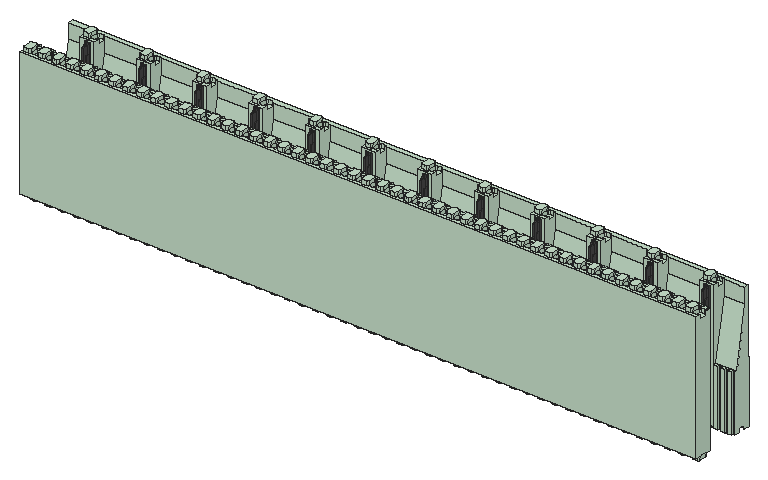
Revit family (continued)
Forms (in)
  Extrusion 51, void
    sketch origin (86, 0, 0) x (-1, 0, 0) y (0, -1, 0)
      loop
        arc (1, -4.89808) -> (1.04785, -5.04517) -> (1.17308, -5.13595) r 0.25
        arc (1.17308, -5.13595) -> (1.5, -5.1875) -> (1.82692, -5.13595) r 1.0625
        arc (1.82692, -5.13595) -> (1.95215, -5.04517) -> (2, -4.89808) r 0.25
        line (2, -4.89808) -> (2, -3.97692)
        arc (2, -3.97692) -> (1.98276, -3.88568) -> (1.9334, -3.80702) r 0.25
        arc (1.9334, -3.80702) -> (1.92106, -3.78736) -> (1.91675, -3.76455) r 0.0625
        line (1.91675, -3.76455) -> (1.91675, -3.41845) -> (1.74592, -3.41845) -> (1.74592, -3.64005)
        arc (1.74592, -3.64005) -> (1.72385, -3.68771) -> (1.67323, -3.70172) r 0.0625
        arc (1.67323, -3.70172) -> (1.42092, -3.69045) -> (1.17308, -3.73905) r 1.0625
        arc (1.17308, -3.73905) -> (1.04785, -3.82983) -> (1, -3.97692) r 0.25
        line (1, -3.97692) -> (1, -4.89808)
    from 18 to 17.5
  Extrusion 52, void
    sketch origin (78, 0, 0) x (-1, 0, 0) y (0, -1, 0)
      loop
        arc (1, -4.89808) -> (1.04785, -5.04517) -> (1.17308, -5.13595) r 0.25
        arc (1.17308, -5.13595) -> (1.5, -5.1875) -> (1.82692, -5.13595) r 1.0625
        arc (1.82692, -5.13595) -> (1.95215, -5.04517) -> (2, -4.89808) r 0.25
        line (2, -4.89808) -> (2, -3.97692)
        arc (2, -3.97692) -> (1.98276, -3.88568) -> (1.9334, -3.80702) r 0.25
        arc (1.9334, -3.80702) -> (1.92106, -3.78736) -> (1.91675, -3.76455) r 0.0625
        line (1.91675, -3.76455) -> (1.91675, -3.41845) -> (1.74592, -3.41845) -> (1.74592, -3.64005)
        arc (1.74592, -3.64005) -> (1.72385, -3.68771) -> (1.67323, -3.70172) r 0.0625
        arc (1.67323, -3.70172) -> (1.42092, -3.69045) -> (1.17308, -3.73905) r 1.0625
        arc (1.17308, -3.73905) -> (1.04785, -3.82983) -> (1, -3.97692) r 0.25
        line (1, -3.97692) -> (1, -4.89808)
    from 18 to 17.5
  Extrusion 53, void
    sketch origin (70, 0, 0) x (-1, 0, 0) y (0, -1, 0)
      loop
        arc (1, -4.89808) -> (1.04785, -5.04517) -> (1.17308, -5.13595) r 0.25
        arc (1.17308, -5.13595) -> (1.5, -5.1875) -> (1.82692, -5.13595) r 1.0625
        arc (1.82692, -5.13595) -> (1.95215, -5.04517) -> (2, -4.89808) r 0.25
        line (2, -4.89808) -> (2, -3.97692)
        arc (2, -3.97692) -> (1.98276, -3.88568) -> (1.9334, -3.80702) r 0.25
        arc (1.9334, -3.80702) -> (1.92106, -3.78736) -> (1.91675, -3.76455) r 0.0625
        line (1.91675, -3.76455) -> (1.91675, -3.41845) -> (1.74592, -3.41845) -> (1.74592, -3.64005)
        arc (1.74592, -3.64005) -> (1.72385, -3.68771) -> (1.67323, -3.70172) r 0.0625
        arc (1.67323, -3.70172) -> (1.42092, -3.69045) -> (1.17308, -3.73905) r 1.0625
        arc (1.17308, -3.73905) -> (1.04785, -3.82983) -> (1, -3.97692) r 0.25
        line (1, -3.97692) -> (1, -4.89808)
    from 18 to 17.5
  Extrusion 54, void
    sketch origin (62, 0, 0) x (-1, 0, 0) y (0, -1, 0)
      loop
        arc (1, -4.89808) -> (1.04785, -5.04517) -> (1.17308, -5.13595) r 0.25
        arc (1.17308, -5.13595) -> (1.5, -5.1875) -> (1.82692, -5.13595) r 1.0625
        arc (1.82692, -5.13595) -> (1.95215, -5.04517) -> (2, -4.89808) r 0.25
        line (2, -4.89808) -> (2, -3.97692)
        arc (2, -3.97692) -> (1.98276, -3.88568) -> (1.9334, -3.80702) r 0.25
        arc (1.9334, -3.80702) -> (1.92106, -3.78736) -> (1.91675, -3.76455) r 0.0625
        line (1.91675, -3.76455) -> (1.91675, -3.41845) -> (1.74592, -3.41845) -> (1.74592, -3.64005)
        arc (1.74592, -3.64005) -> (1.72385, -3.68771) -> (1.67323, -3.70172) r 0.0625
        arc (1.67323, -3.70172) -> (1.42092, -3.69045) -> (1.17308, -3.73905) r 1.0625
        arc (1.17308, -3.73905) -> (1.04785, -3.82983) -> (1, -3.97692) r 0.25
        line (1, -3.97692) -> (1, -4.89808)
    from 18 to 17.5
  Extrusion 55, void
    sketch origin (54, 0, 0) x (-1, 0, 0) y (0, -1, 0)
      loop
        arc (1, -4.89808) -> (1.04785, -5.04517) -> (1.17308, -5.13595) r 0.25
        arc (1.17308, -5.13595) -> (1.5, -5.1875) -> (1.82692, -5.13595) r 1.0625
        arc (1.82692, -5.13595) -> (1.95215, -5.04517) -> (2, -4.89808) r 0.25
        line (2, -4.89808) -> (2, -3.97692)
        arc (2, -3.97692) -> (1.98276, -3.88568) -> (1.9334, -3.80702) r 0.25
        arc (1.9334, -3.80702) -> (1.92106, -3.78736) -> (1.91675, -3.76455) r 0.0625
        line (1.91675, -3.76455) -> (1.91675, -3.41845) -> (1.74592, -3.41845) -> (1.74592, -3.64005)
        arc (1.74592, -3.64005) -> (1.72385, -3.68771) -> (1.67323, -3.70172) r 0.0625
        arc (1.67323, -3.70172) -> (1.42092, -3.69045) -> (1.17308, -3.73905) r 1.0625
        arc (1.17308, -3.73905) -> (1.04785, -3.82983) -> (1, -3.97692) r 0.25
        line (1, -3.97692) -> (1, -4.89808)
    from 18 to 17.5
  Extrusion 56, void
    sketch origin (46, 0, 0) x (-1, 0, 0) y (0, -1, 0)
      loop
        arc (1, -4.89808) -> (1.04785, -5.04517) -> (1.17308, -5.13595) r 0.25
        arc (1.17308, -5.13595) -> (1.5, -5.1875) -> (1.82692, -5.13595) r 1.0625
        arc (1.82692, -5.13595) -> (1.95215, -5.04517) -> (2, -4.89808) r 0.25
        line (2, -4.89808) -> (2, -3.97692)
        arc (2, -3.97692) -> (1.98276, -3.88568) -> (1.9334, -3.80702) r 0.25
        arc (1.9334, -3.80702) -> (1.92106, -3.78736) -> (1.91675, -3.76455) r 0.0625
        line (1.91675, -3.76455) -> (1.91675, -3.41845) -> (1.74592, -3.41845) -> (1.74592, -3.64005)
        arc (1.74592, -3.64005) -> (1.72385, -3.68771) -> (1.67323, -3.70172) r 0.0625
        arc (1.67323, -3.70172) -> (1.42092, -3.69045) -> (1.17308, -3.73905) r 1.0625
        arc (1.17308, -3.73905) -> (1.04785, -3.82983) -> (1, -3.97692) r 0.25
        line (1, -3.97692) -> (1, -4.89808)
    from 18 to 17.5
  Extrusion 57, void
    sketch origin (38, 0, 0) x (-1, 0, 0) y (0, -1, 0)
      loop
        arc (1, -4.89808) -> (1.04785, -5.04517) -> (1.17308, -5.13595) r 0.25
        arc (1.17308, -5.13595) -> (1.5, -5.1875) -> (1.82692, -5.13595) r 1.0625
        arc (1.82692, -5.13595) -> (1.95215, -5.04517) -> (2, -4.89808) r 0.25
        line (2, -4.89808) -> (2, -3.97692)
        arc (2, -3.97692) -> (1.98276, -3.88568) -> (1.9334, -3.80702) r 0.25
        arc (1.9334, -3.80702) -> (1.92106, -3.78736) -> (1.91675, -3.76455) r 0.0625
        line (1.91675, -3.76455) -> (1.91675, -3.41845) -> (1.74592, -3.41845) -> (1.74592, -3.64005)
        arc (1.74592, -3.64005) -> (1.72385, -3.68771) -> (1.67323, -3.70172) r 0.0625
        arc (1.67323, -3.70172) -> (1.42092, -3.69045) -> (1.17308, -3.73905) r 1.0625
        arc (1.17308, -3.73905) -> (1.04785, -3.82983) -> (1, -3.97692) r 0.25
        line (1, -3.97692) -> (1, -4.89808)
    from 18 to 17.5
  Extrusion 58, void
    sketch origin (30, 0, 0) x (-1, 0, 0) y (0, -1, 0)
      loop
        arc (1, -4.89808) -> (1.04785, -5.04517) -> (1.17308, -5.13595) r 0.25
        arc (1.17308, -5.13595) -> (1.5, -5.1875) -> (1.82692, -5.13595) r 1.0625
        arc (1.82692, -5.13595) -> (1.95215, -5.04517) -> (2, -4.89808) r 0.25
        line (2, -4.89808) -> (2, -3.97692)
        arc (2, -3.97692) -> (1.98276, -3.88568) -> (1.9334, -3.80702) r 0.25
        arc (1.9334, -3.80702) -> (1.92106, -3.78736) -> (1.91675, -3.76455) r 0.0625
        line (1.91675, -3.76455) -> (1.91675, -3.41845) -> (1.74592, -3.41845) -> (1.74592, -3.64005)
        arc (1.74592, -3.64005) -> (1.72385, -3.68771) -> (1.67323, -3.70172) r 0.0625
        arc (1.67323, -3.70172) -> (1.42092, -3.69045) -> (1.17308, -3.73905) r 1.0625
        arc (1.17308, -3.73905) -> (1.04785, -3.82983) -> (1, -3.97692) r 0.25
        line (1, -3.97692) -> (1, -4.89808)
    from 18 to 17.5
  Extrusion 59, void
    sketch origin (22, 0, 0) x (-1, 0, 0) y (0, -1, 0)
      loop
        arc (1, -4.89808) -> (1.04785, -5.04517) -> (1.17308, -5.13595) r 0.25
        arc (1.17308, -5.13595) -> (1.5, -5.1875) -> (1.82692, -5.13595) r 1.0625
        arc (1.82692, -5.13595) -> (1.95215, -5.04517) -> (2, -4.89808) r 0.25
        line (2, -4.89808) -> (2, -3.97692)
        arc (2, -3.97692) -> (1.98276, -3.88568) -> (1.9334, -3.80702) r 0.25
        arc (1.9334, -3.80702) -> (1.92106, -3.78736) -> (1.91675, -3.76455) r 0.0625
        line (1.91675, -3.76455) -> (1.91675, -3.41845) -> (1.74592, -3.41845) -> (1.74592, -3.64005)
        arc (1.74592, -3.64005) -> (1.72385, -3.68771) -> (1.67323, -3.70172) r 0.0625
        arc (1.67323, -3.70172) -> (1.42092, -3.69045) -> (1.17308, -3.73905) r 1.0625
        arc (1.17308, -3.73905) -> (1.04785, -3.82983) -> (1, -3.97692) r 0.25
        line (1, -3.97692) -> (1, -4.89808)
    from 18 to 17.5
  Extrusion 60, void
    sketch origin (14, 0, 0) x (-1, 0, 0) y (0, -1, 0)
      loop
        arc (1, -4.89808) -> (1.04785, -5.04517) -> (1.17308, -5.13595) r 0.25
        arc (1.17308, -5.13595) -> (1.5, -5.1875) -> (1.82692, -5.13595) r 1.0625
        arc (1.82692, -5.13595) -> (1.95215, -5.04517) -> (2, -4.89808) r 0.25
        line (2, -4.89808) -> (2, -3.97692)
        arc (2, -3.97692) -> (1.98276, -3.88568) -> (1.9334, -3.80702) r 0.25
        arc (1.9334, -3.80702) -> (1.92106, -3.78736) -> (1.91675, -3.76455) r 0.0625
        line (1.91675, -3.76455) -> (1.91675, -3.41845) -> (1.74592, -3.41845) -> (1.74592, -3.64005)
        arc (1.74592, -3.64005) -> (1.72385, -3.68771) -> (1.67323, -3.70172) r 0.0625
        arc (1.67323, -3.70172) -> (1.42092, -3.69045) -> (1.17308, -3.73905) r 1.0625
        arc (1.17308, -3.73905) -> (1.04785, -3.82983) -> (1, -3.97692) r 0.25
        line (1, -3.97692) -> (1, -4.89808)
    from 18 to 17.5
  Extrusion 61, void
    sketch origin (6, 0, 0) x (-1, 0, 0) y (0, -1, 0)
      loop
        arc (1, -4.89808) -> (1.04785, -5.04517) -> (1.17308, -5.13595) r 0.25
        arc (1.17308, -5.13595) -> (1.5, -5.1875) -> (1.82692, -5.13595) r 1.0625
        arc (1.82692, -5.13595) -> (1.95215, -5.04517) -> (2, -4.89808) r 0.25
        line (2, -4.89808) -> (2, -3.97692)
        arc (2, -3.97692) -> (1.98276, -3.88568) -> (1.9334, -3.80702) r 0.25
        arc (1.9334, -3.80702) -> (1.92106, -3.78736) -> (1.91675, -3.76455) r 0.0625
        line (1.91675, -3.76455) -> (1.91675, -3.41845) -> (1.74592, -3.41845) -> (1.74592, -3.64005)
        arc (1.74592, -3.64005) -> (1.72385, -3.68771) -> (1.67323, -3.70172) r 0.0625
        arc (1.67323, -3.70172) -> (1.42092, -3.69045) -> (1.17308, -3.73905) r 1.0625
        arc (1.17308, -3.73905) -> (1.04785, -3.82983) -> (1, -3.97692) r 0.25
        line (1, -3.97692) -> (1, -4.89808)
    from 18 to 17.5
  Extrusion 62, void
    sketch origin (2, 2, 0) x (-1, 0, 0) y (0, -1, 0)
      loop
        line (1, 4.89808) -> (1, 3.97692)
        arc (1, 3.97692) -> (1.04785, 3.82983) -> (1.17308, 3.73905) r 0.25
        arc (1.17308, 3.73905) -> (1.42092, 3.69045) -> (1.67323, 3.70172) r 1.0625
        arc (1.67323, 3.70172) -> (1.72385, 3.68771) -> (1.74592, 3.64005) r 0.0625
        line (1.74592, 3.64005) -> (1.74592, 3.41845) -> (1.91675, 3.41845) -> (1.91675, 3.76455)
        arc (1.91675, 3.76455) -> (1.92106, 3.78736) -> (1.9334, 3.80702) r 0.0625
        arc (1.9334, 3.80702) -> (1.98276, 3.88568) -> (2, 3.97692) r 0.25
        line (2, 3.97692) -> (2, 4.89808)
        arc (2, 4.89808) -> (1.95215, 5.04517) -> (1.82692, 5.13595) r 0.25
        arc (1.82692, 5.13595) -> (1.5, 5.1875) -> (1.17308, 5.13595) r 1.0625
        arc (1.17308, 5.13595) -> (1.04785, 5.04517) -> (1, 4.89808) r 0.25
    from 0 to 0.5
  Extrusion 63, void
    sketch origin (4, 2, 0) x (-1, 0, 0) y (0, -1, 0)
      loop
        line (1, 4.89808) -> (1, 3.97692)
        arc (1, 3.97692) -> (1.04785, 3.82983) -> (1.17308, 3.73905) r 0.25
        arc (1.17308, 3.73905) -> (1.42092, 3.69045) -> (1.67323, 3.70172) r 1.0625
        arc (1.67323, 3.70172) -> (1.72385, 3.68771) -> (1.74592, 3.64005) r 0.0625
        line (1.74592, 3.64005) -> (1.74592, 3.41845) -> (1.91675, 3.41845) -> (1.91675, 3.76455)
        arc (1.91675, 3.76455) -> (1.92106, 3.78736) -> (1.9334, 3.80702) r 0.0625
        arc (1.9334, 3.80702) -> (1.98276, 3.88568) -> (2, 3.97692) r 0.25
        line (2, 3.97692) -> (2, 4.89808)
        arc (2, 4.89808) -> (1.95215, 5.04517) -> (1.82692, 5.13595) r 0.25
        arc (1.82692, 5.13595) -> (1.5, 5.1875) -> (1.17308, 5.13595) r 1.0625
        arc (1.17308, 5.13595) -> (1.04785, 5.04517) -> (1, 4.89808) r 0.25
    from 0 to 0.5
  Extrusion 64, void
    sketch origin (6, 2, 0) x (-1, 0, 0) y (0, -1, 0)
      loop
        line (1, 4.89808) -> (1, 3.97692)
        arc (1, 3.97692) -> (1.04785, 3.82983) -> (1.17308, 3.73905) r 0.25
        arc (1.17308, 3.73905) -> (1.42092, 3.69045) -> (1.67323, 3.70172) r 1.0625
        arc (1.67323, 3.70172) -> (1.72385, 3.68771) -> (1.74592, 3.64005) r 0.0625
        line (1.74592, 3.64005) -> (1.74592, 3.41845) -> (1.91675, 3.41845) -> (1.91675, 3.76455)
        arc (1.91675, 3.76455) -> (1.92106, 3.78736) -> (1.9334, 3.80702) r 0.0625
        arc (1.9334, 3.80702) -> (1.98276, 3.88568) -> (2, 3.97692) r 0.25
        line (2, 3.97692) -> (2, 4.89808)
        arc (2, 4.89808) -> (1.95215, 5.04517) -> (1.82692, 5.13595) r 0.25
        arc (1.82692, 5.13595) -> (1.5, 5.1875) -> (1.17308, 5.13595) r 1.0625
        arc (1.17308, 5.13595) -> (1.04785, 5.04517) -> (1, 4.89808) r 0.25
    from 0 to 0.5
  Extrusion 65, void
    sketch origin (8, 2, 0) x (-1, 0, 0) y (0, -1, 0)
      loop
        line (1, 4.89808) -> (1, 3.97692)
        arc (1, 3.97692) -> (1.04785, 3.82983) -> (1.17308, 3.73905) r 0.25
        arc (1.17308, 3.73905) -> (1.42092, 3.69045) -> (1.67323, 3.70172) r 1.0625
        arc (1.67323, 3.70172) -> (1.72385, 3.68771) -> (1.74592, 3.64005) r 0.0625
        line (1.74592, 3.64005) -> (1.74592, 3.41845) -> (1.91675, 3.41845) -> (1.91675, 3.76455)
        arc (1.91675, 3.76455) -> (1.92106, 3.78736) -> (1.9334, 3.80702) r 0.0625
        arc (1.9334, 3.80702) -> (1.98276, 3.88568) -> (2, 3.97692) r 0.25
        line (2, 3.97692) -> (2, 4.89808)
        arc (2, 4.89808) -> (1.95215, 5.04517) -> (1.82692, 5.13595) r 0.25
        arc (1.82692, 5.13595) -> (1.5, 5.1875) -> (1.17308, 5.13595) r 1.0625
        arc (1.17308, 5.13595) -> (1.04785, 5.04517) -> (1, 4.89808) r 0.25
    from 0 to 0.5
  Extrusion 66, void
    sketch origin (10, 2, 0) x (-1, 0, 0) y (0, -1, 0)
      loop
        line (1, 4.89808) -> (1, 3.97692)
        arc (1, 3.97692) -> (1.04785, 3.82983) -> (1.17308, 3.73905) r 0.25
        arc (1.17308, 3.73905) -> (1.42092, 3.69045) -> (1.67323, 3.70172) r 1.0625
        arc (1.67323, 3.70172) -> (1.72385, 3.68771) -> (1.74592, 3.64005) r 0.0625
        line (1.74592, 3.64005) -> (1.74592, 3.41845) -> (1.91675, 3.41845) -> (1.91675, 3.76455)
        arc (1.91675, 3.76455) -> (1.92106, 3.78736) -> (1.9334, 3.80702) r 0.0625
        arc (1.9334, 3.80702) -> (1.98276, 3.88568) -> (2, 3.97692) r 0.25
        line (2, 3.97692) -> (2, 4.89808)
        arc (2, 4.89808) -> (1.95215, 5.04517) -> (1.82692, 5.13595) r 0.25
        arc (1.82692, 5.13595) -> (1.5, 5.1875) -> (1.17308, 5.13595) r 1.0625
        arc (1.17308, 5.13595) -> (1.04785, 5.04517) -> (1, 4.89808) r 0.25
    from 0 to 0.5
  Extrusion 67, void
    sketch origin (12, 2, 0) x (-1, 0, 0) y (0, -1, 0)
      loop
        line (1, 4.89808) -> (1, 3.97692)
        arc (1, 3.97692) -> (1.04785, 3.82983) -> (1.17308, 3.73905) r 0.25
        arc (1.17308, 3.73905) -> (1.42092, 3.69045) -> (1.67323, 3.70172) r 1.0625
        arc (1.67323, 3.70172) -> (1.72385, 3.68771) -> (1.74592, 3.64005) r 0.0625
        line (1.74592, 3.64005) -> (1.74592, 3.41845) -> (1.91675, 3.41845) -> (1.91675, 3.76455)
        arc (1.91675, 3.76455) -> (1.92106, 3.78736) -> (1.9334, 3.80702) r 0.0625
        arc (1.9334, 3.80702) -> (1.98276, 3.88568) -> (2, 3.97692) r 0.25
        line (2, 3.97692) -> (2, 4.89808)
        arc (2, 4.89808) -> (1.95215, 5.04517) -> (1.82692, 5.13595) r 0.25
        arc (1.82692, 5.13595) -> (1.5, 5.1875) -> (1.17308, 5.13595) r 1.0625
        arc (1.17308, 5.13595) -> (1.04785, 5.04517) -> (1, 4.89808) r 0.25
    from 0 to 0.5
  Extrusion 68, void
    sketch origin (14, 2, 0) x (-1, 0, 0) y (0, -1, 0)
      loop
        line (1, 4.89808) -> (1, 3.97692)
        arc (1, 3.97692) -> (1.04785, 3.82983) -> (1.17308, 3.73905) r 0.25
        arc (1.17308, 3.73905) -> (1.42092, 3.69045) -> (1.67323, 3.70172) r 1.0625
        arc (1.67323, 3.70172) -> (1.72385, 3.68771) -> (1.74592, 3.64005) r 0.0625
        line (1.74592, 3.64005) -> (1.74592, 3.41845) -> (1.91675, 3.41845) -> (1.91675, 3.76455)
        arc (1.91675, 3.76455) -> (1.92106, 3.78736) -> (1.9334, 3.80702) r 0.0625
        arc (1.9334, 3.80702) -> (1.98276, 3.88568) -> (2, 3.97692) r 0.25
        line (2, 3.97692) -> (2, 4.89808)
        arc (2, 4.89808) -> (1.95215, 5.04517) -> (1.82692, 5.13595) r 0.25
        arc (1.82692, 5.13595) -> (1.5, 5.1875) -> (1.17308, 5.13595) r 1.0625
        arc (1.17308, 5.13595) -> (1.04785, 5.04517) -> (1, 4.89808) r 0.25
    from 0 to 0.5
  Extrusion 69, void
    sketch origin (16, 2, 0) x (-1, 0, 0) y (0, -1, 0)
      loop
        line (1, 4.89808) -> (1, 3.97692)
        arc (1, 3.97692) -> (1.04785, 3.82983) -> (1.17308, 3.73905) r 0.25
        arc (1.17308, 3.73905) -> (1.42092, 3.69045) -> (1.67323, 3.70172) r 1.0625
        arc (1.67323, 3.70172) -> (1.72385, 3.68771) -> (1.74592, 3.64005) r 0.0625
        line (1.74592, 3.64005) -> (1.74592, 3.41845) -> (1.91675, 3.41845) -> (1.91675, 3.76455)
        arc (1.91675, 3.76455) -> (1.92106, 3.78736) -> (1.9334, 3.80702) r 0.0625
        arc (1.9334, 3.80702) -> (1.98276, 3.88568) -> (2, 3.97692) r 0.25
        line (2, 3.97692) -> (2, 4.89808)
        arc (2, 4.89808) -> (1.95215, 5.04517) -> (1.82692, 5.13595) r 0.25
        arc (1.82692, 5.13595) -> (1.5, 5.1875) -> (1.17308, 5.13595) r 1.0625
        arc (1.17308, 5.13595) -> (1.04785, 5.04517) -> (1, 4.89808) r 0.25
    from 0 to 0.5
  Extrusion 70, void
    sketch origin (18, 2, 0) x (-1, 0, 0) y (0, -1, 0)
      loop
        line (1, 4.89808) -> (1, 3.97692)
        arc (1, 3.97692) -> (1.04785, 3.82983) -> (1.17308, 3.73905) r 0.25
        arc (1.17308, 3.73905) -> (1.42092, 3.69045) -> (1.67323, 3.70172) r 1.0625
        arc (1.67323, 3.70172) -> (1.72385, 3.68771) -> (1.74592, 3.64005) r 0.0625
        line (1.74592, 3.64005) -> (1.74592, 3.41845) -> (1.91675, 3.41845) -> (1.91675, 3.76455)
        arc (1.91675, 3.76455) -> (1.92106, 3.78736) -> (1.9334, 3.80702) r 0.0625
        arc (1.9334, 3.80702) -> (1.98276, 3.88568) -> (2, 3.97692) r 0.25
        line (2, 3.97692) -> (2, 4.89808)
        arc (2, 4.89808) -> (1.95215, 5.04517) -> (1.82692, 5.13595) r 0.25
        arc (1.82692, 5.13595) -> (1.5, 5.1875) -> (1.17308, 5.13595) r 1.0625
        arc (1.17308, 5.13595) -> (1.04785, 5.04517) -> (1, 4.89808) r 0.25
    from 0 to 0.5
  Extrusion 71, void
    sketch origin (20, 2, 0) x (-1, 0, 0) y (0, -1, 0)
      loop
        line (1, 4.89808) -> (1, 3.97692)
        arc (1, 3.97692) -> (1.04785, 3.82983) -> (1.17308, 3.73905) r 0.25
        arc (1.17308, 3.73905) -> (1.42092, 3.69045) -> (1.67323, 3.70172) r 1.0625
        arc (1.67323, 3.70172) -> (1.72385, 3.68771) -> (1.74592, 3.64005) r 0.0625
        line (1.74592, 3.64005) -> (1.74592, 3.41845) -> (1.91675, 3.41845) -> (1.91675, 3.76455)
        arc (1.91675, 3.76455) -> (1.92106, 3.78736) -> (1.9334, 3.80702) r 0.0625
        arc (1.9334, 3.80702) -> (1.98276, 3.88568) -> (2, 3.97692) r 0.25
        line (2, 3.97692) -> (2, 4.89808)
        arc (2, 4.89808) -> (1.95215, 5.04517) -> (1.82692, 5.13595) r 0.25
        arc (1.82692, 5.13595) -> (1.5, 5.1875) -> (1.17308, 5.13595) r 1.0625
        arc (1.17308, 5.13595) -> (1.04785, 5.04517) -> (1, 4.89808) r 0.25
    from 0 to 0.5
  Extrusion 72, void
    sketch origin (22, 2, 0) x (-1, 0, 0) y (0, -1, 0)
      loop
        line (1, 4.89808) -> (1, 3.97692)
        arc (1, 3.97692) -> (1.04785, 3.82983) -> (1.17308, 3.73905) r 0.25
        arc (1.17308, 3.73905) -> (1.42092, 3.69045) -> (1.67323, 3.70172) r 1.0625
        arc (1.67323, 3.70172) -> (1.72385, 3.68771) -> (1.74592, 3.64005) r 0.0625
        line (1.74592, 3.64005) -> (1.74592, 3.41845) -> (1.91675, 3.41845) -> (1.91675, 3.76455)
        arc (1.91675, 3.76455) -> (1.92106, 3.78736) -> (1.9334, 3.80702) r 0.0625
        arc (1.9334, 3.80702) -> (1.98276, 3.88568) -> (2, 3.97692) r 0.25
        line (2, 3.97692) -> (2, 4.89808)
        arc (2, 4.89808) -> (1.95215, 5.04517) -> (1.82692, 5.13595) r 0.25
        arc (1.82692, 5.13595) -> (1.5, 5.1875) -> (1.17308, 5.13595) r 1.0625
        arc (1.17308, 5.13595) -> (1.04785, 5.04517) -> (1, 4.89808) r 0.25
    from 0 to 0.5
  Extrusion 73, void
    sketch origin (24, 2, 0) x (-1, 0, 0) y (0, -1, 0)
      loop
        line (1, 4.89808) -> (1, 3.97692)
        arc (1, 3.97692) -> (1.04785, 3.82983) -> (1.17308, 3.73905) r 0.25
        arc (1.17308, 3.73905) -> (1.42092, 3.69045) -> (1.67323, 3.70172) r 1.0625
        arc (1.67323, 3.70172) -> (1.72385, 3.68771) -> (1.74592, 3.64005) r 0.0625
        line (1.74592, 3.64005) -> (1.74592, 3.41845) -> (1.91675, 3.41845) -> (1.91675, 3.76455)
        arc (1.91675, 3.76455) -> (1.92106, 3.78736) -> (1.9334, 3.80702) r 0.0625
        arc (1.9334, 3.80702) -> (1.98276, 3.88568) -> (2, 3.97692) r 0.25
        line (2, 3.97692) -> (2, 4.89808)
        arc (2, 4.89808) -> (1.95215, 5.04517) -> (1.82692, 5.13595) r 0.25
        arc (1.82692, 5.13595) -> (1.5, 5.1875) -> (1.17308, 5.13595) r 1.0625
        arc (1.17308, 5.13595) -> (1.04785, 5.04517) -> (1, 4.89808) r 0.25
    from 0 to 0.5
  Extrusion 74, void
    sketch origin (26, 2, 0) x (-1, 0, 0) y (0, -1, 0)
      loop
        line (1, 4.89808) -> (1, 3.97692)
        arc (1, 3.97692) -> (1.04785, 3.82983) -> (1.17308, 3.73905) r 0.25
        arc (1.17308, 3.73905) -> (1.42092, 3.69045) -> (1.67323, 3.70172) r 1.0625
        arc (1.67323, 3.70172) -> (1.72385, 3.68771) -> (1.74592, 3.64005) r 0.0625
        line (1.74592, 3.64005) -> (1.74592, 3.41845) -> (1.91675, 3.41845) -> (1.91675, 3.76455)
        arc (1.91675, 3.76455) -> (1.92106, 3.78736) -> (1.9334, 3.80702) r 0.0625
        arc (1.9334, 3.80702) -> (1.98276, 3.88568) -> (2, 3.97692) r 0.25
        line (2, 3.97692) -> (2, 4.89808)
        arc (2, 4.89808) -> (1.95215, 5.04517) -> (1.82692, 5.13595) r 0.25
        arc (1.82692, 5.13595) -> (1.5, 5.1875) -> (1.17308, 5.13595) r 1.0625
        arc (1.17308, 5.13595) -> (1.04785, 5.04517) -> (1, 4.89808) r 0.25
    from 0 to 0.5
  Extrusion 75, void
    sketch origin (28, 2, 0) x (-1, 0, 0) y (0, -1, 0)
      loop
        line (1, 4.89808) -> (1, 3.97692)
        arc (1, 3.97692) -> (1.04785, 3.82983) -> (1.17308, 3.73905) r 0.25
        arc (1.17308, 3.73905) -> (1.42092, 3.69045) -> (1.67323, 3.70172) r 1.0625
        arc (1.67323, 3.70172) -> (1.72385, 3.68771) -> (1.74592, 3.64005) r 0.0625
        line (1.74592, 3.64005) -> (1.74592, 3.41845) -> (1.91675, 3.41845) -> (1.91675, 3.76455)
        arc (1.91675, 3.76455) -> (1.92106, 3.78736) -> (1.9334, 3.80702) r 0.0625
        arc (1.9334, 3.80702) -> (1.98276, 3.88568) -> (2, 3.97692) r 0.25
        line (2, 3.97692) -> (2, 4.89808)
        arc (2, 4.89808) -> (1.95215, 5.04517) -> (1.82692, 5.13595) r 0.25
        arc (1.82692, 5.13595) -> (1.5, 5.1875) -> (1.17308, 5.13595) r 1.0625
        arc (1.17308, 5.13595) -> (1.04785, 5.04517) -> (1, 4.89808) r 0.25
    from 0 to 0.5
  Extrusion 76, void
    sketch origin (30, 2, 0) x (-1, 0, 0) y (0, -1, 0)
      loop
        line (1, 4.89808) -> (1, 3.97692)
        arc (1, 3.97692) -> (1.04785, 3.82983) -> (1.17308, 3.73905) r 0.25
        arc (1.17308, 3.73905) -> (1.42092, 3.69045) -> (1.67323, 3.70172) r 1.0625
        arc (1.67323, 3.70172) -> (1.72385, 3.68771) -> (1.74592, 3.64005) r 0.0625
        line (1.74592, 3.64005) -> (1.74592, 3.41845) -> (1.91675, 3.41845) -> (1.91675, 3.76455)
        arc (1.91675, 3.76455) -> (1.92106, 3.78736) -> (1.9334, 3.80702) r 0.0625
        arc (1.9334, 3.80702) -> (1.98276, 3.88568) -> (2, 3.97692) r 0.25
        line (2, 3.97692) -> (2, 4.89808)
        arc (2, 4.89808) -> (1.95215, 5.04517) -> (1.82692, 5.13595) r 0.25
        arc (1.82692, 5.13595) -> (1.5, 5.1875) -> (1.17308, 5.13595) r 1.0625
        arc (1.17308, 5.13595) -> (1.04785, 5.04517) -> (1, 4.89808) r 0.25
    from 0 to 0.5
  Extrusion 77, void
    sketch origin (32, 2, 0) x (-1, 0, 0) y (0, -1, 0)
      loop
        line (1, 4.89808) -> (1, 3.97692)
        arc (1, 3.97692) -> (1.04785, 3.82983) -> (1.17308, 3.73905) r 0.25
        arc (1.17308, 3.73905) -> (1.42092, 3.69045) -> (1.67323, 3.70172) r 1.0625
        arc (1.67323, 3.70172) -> (1.72385, 3.68771) -> (1.74592, 3.64005) r 0.0625
        line (1.74592, 3.64005) -> (1.74592, 3.41845) -> (1.91675, 3.41845) -> (1.91675, 3.76455)
        arc (1.91675, 3.76455) -> (1.92106, 3.78736) -> (1.9334, 3.80702) r 0.0625
        arc (1.9334, 3.80702) -> (1.98276, 3.88568) -> (2, 3.97692) r 0.25
        line (2, 3.97692) -> (2, 4.89808)
        arc (2, 4.89808) -> (1.95215, 5.04517) -> (1.82692, 5.13595) r 0.25
        arc (1.82692, 5.13595) -> (1.5, 5.1875) -> (1.17308, 5.13595) r 1.0625
        arc (1.17308, 5.13595) -> (1.04785, 5.04517) -> (1, 4.89808) r 0.25
    from 0 to 0.5
  Extrusion 78, void
    sketch origin (34, 2, 0) x (-1, 0, 0) y (0, -1, 0)
      loop
        line (1, 4.89808) -> (1, 3.97692)
        arc (1, 3.97692) -> (1.04785, 3.82983) -> (1.17308, 3.73905) r 0.25
        arc (1.17308, 3.73905) -> (1.42092, 3.69045) -> (1.67323, 3.70172) r 1.0625
        arc (1.67323, 3.70172) -> (1.72385, 3.68771) -> (1.74592, 3.64005) r 0.0625
        line (1.74592, 3.64005) -> (1.74592, 3.41845) -> (1.91675, 3.41845) -> (1.91675, 3.76455)
        arc (1.91675, 3.76455) -> (1.92106, 3.78736) -> (1.9334, 3.80702) r 0.0625
        arc (1.9334, 3.80702) -> (1.98276, 3.88568) -> (2, 3.97692) r 0.25
        line (2, 3.97692) -> (2, 4.89808)
        arc (2, 4.89808) -> (1.95215, 5.04517) -> (1.82692, 5.13595) r 0.25
        arc (1.82692, 5.13595) -> (1.5, 5.1875) -> (1.17308, 5.13595) r 1.0625
        arc (1.17308, 5.13595) -> (1.04785, 5.04517) -> (1, 4.89808) r 0.25
    from 0 to 0.5
  Extrusion 79, void
    sketch origin (36, 2, 0) x (-1, 0, 0) y (0, -1, 0)
      loop
        line (1, 4.89808) -> (1, 3.97692)
        arc (1, 3.97692) -> (1.04785, 3.82983) -> (1.17308, 3.73905) r 0.25
        arc (1.17308, 3.73905) -> (1.42092, 3.69045) -> (1.67323, 3.70172) r 1.0625
        arc (1.67323, 3.70172) -> (1.72385, 3.68771) -> (1.74592, 3.64005) r 0.0625
        line (1.74592, 3.64005) -> (1.74592, 3.41845) -> (1.91675, 3.41845) -> (1.91675, 3.76455)
        arc (1.91675, 3.76455) -> (1.92106, 3.78736) -> (1.9334, 3.80702) r 0.0625
        arc (1.9334, 3.80702) -> (1.98276, 3.88568) -> (2, 3.97692) r 0.25
        line (2, 3.97692) -> (2, 4.89808)
        arc (2, 4.89808) -> (1.95215, 5.04517) -> (1.82692, 5.13595) r 0.25
        arc (1.82692, 5.13595) -> (1.5, 5.1875) -> (1.17308, 5.13595) r 1.0625
        arc (1.17308, 5.13595) -> (1.04785, 5.04517) -> (1, 4.89808) r 0.25
    from 0 to 0.5
  Extrusion 80, void
    sketch origin (38, 2, 0) x (-1, 0, 0) y (0, -1, 0)
      loop
        line (1, 4.89808) -> (1, 3.97692)
        arc (1, 3.97692) -> (1.04785, 3.82983) -> (1.17308, 3.73905) r 0.25
        arc (1.17308, 3.73905) -> (1.42092, 3.69045) -> (1.67323, 3.70172) r 1.0625
        arc (1.67323, 3.70172) -> (1.72385, 3.68771) -> (1.74592, 3.64005) r 0.0625
        line (1.74592, 3.64005) -> (1.74592, 3.41845) -> (1.91675, 3.41845) -> (1.91675, 3.76455)
        arc (1.91675, 3.76455) -> (1.92106, 3.78736) -> (1.9334, 3.80702) r 0.0625
        arc (1.9334, 3.80702) -> (1.98276, 3.88568) -> (2, 3.97692) r 0.25
        line (2, 3.97692) -> (2, 4.89808)
        arc (2, 4.89808) -> (1.95215, 5.04517) -> (1.82692, 5.13595) r 0.25
        arc (1.82692, 5.13595) -> (1.5, 5.1875) -> (1.17308, 5.13595) r 1.0625
        arc (1.17308, 5.13595) -> (1.04785, 5.04517) -> (1, 4.89808) r 0.25
    from 0 to 0.5
  Extrusion 81, void
    sketch origin (40, 2, 0) x (-1, 0, 0) y (0, -1, 0)
      loop
        line (1, 4.89808) -> (1, 3.97692)
        arc (1, 3.97692) -> (1.04785, 3.82983) -> (1.17308, 3.73905) r 0.25
        arc (1.17308, 3.73905) -> (1.42092, 3.69045) -> (1.67323, 3.70172) r 1.0625
        arc (1.67323, 3.70172) -> (1.72385, 3.68771) -> (1.74592, 3.64005) r 0.0625
        line (1.74592, 3.64005) -> (1.74592, 3.41845) -> (1.91675, 3.41845) -> (1.91675, 3.76455)
        arc (1.91675, 3.76455) -> (1.92106, 3.78736) -> (1.9334, 3.80702) r 0.0625
        arc (1.9334, 3.80702) -> (1.98276, 3.88568) -> (2, 3.97692) r 0.25
        line (2, 3.97692) -> (2, 4.89808)
        arc (2, 4.89808) -> (1.95215, 5.04517) -> (1.82692, 5.13595) r 0.25
        arc (1.82692, 5.13595) -> (1.5, 5.1875) -> (1.17308, 5.13595) r 1.0625
        arc (1.17308, 5.13595) -> (1.04785, 5.04517) -> (1, 4.89808) r 0.25
    from 0 to 0.5
  Extrusion 82, void
    sketch origin (42, 2, 0) x (-1, 0, 0) y (0, -1, 0)
      loop
        line (1, 4.89808) -> (1, 3.97692)
        arc (1, 3.97692) -> (1.04785, 3.82983) -> (1.17308, 3.73905) r 0.25
        arc (1.17308, 3.73905) -> (1.42092, 3.69045) -> (1.67323, 3.70172) r 1.0625
        arc (1.67323, 3.70172) -> (1.72385, 3.68771) -> (1.74592, 3.64005) r 0.0625
        line (1.74592, 3.64005) -> (1.74592, 3.41845) -> (1.91675, 3.41845) -> (1.91675, 3.76455)
        arc (1.91675, 3.76455) -> (1.92106, 3.78736) -> (1.9334, 3.80702) r 0.0625
        arc (1.9334, 3.80702) -> (1.98276, 3.88568) -> (2, 3.97692) r 0.25
        line (2, 3.97692) -> (2, 4.89808)
        arc (2, 4.89808) -> (1.95215, 5.04517) -> (1.82692, 5.13595) r 0.25
        arc (1.82692, 5.13595) -> (1.5, 5.1875) -> (1.17308, 5.13595) r 1.0625
        arc (1.17308, 5.13595) -> (1.04785, 5.04517) -> (1, 4.89808) r 0.25
    from 0 to 0.5
  Extrusion 83, void
    sketch origin (44, 2, 0) x (-1, 0, 0) y (0, -1, 0)
      loop
        line (1, 4.89808) -> (1, 3.97692)
        arc (1, 3.97692) -> (1.04785, 3.82983) -> (1.17308, 3.73905) r 0.25
        arc (1.17308, 3.73905) -> (1.42092, 3.69045) -> (1.67323, 3.70172) r 1.0625
        arc (1.67323, 3.70172) -> (1.72385, 3.68771) -> (1.74592, 3.64005) r 0.0625
        line (1.74592, 3.64005) -> (1.74592, 3.41845) -> (1.91675, 3.41845) -> (1.91675, 3.76455)
        arc (1.91675, 3.76455) -> (1.92106, 3.78736) -> (1.9334, 3.80702) r 0.0625
        arc (1.9334, 3.80702) -> (1.98276, 3.88568) -> (2, 3.97692) r 0.25
        line (2, 3.97692) -> (2, 4.89808)
        arc (2, 4.89808) -> (1.95215, 5.04517) -> (1.82692, 5.13595) r 0.25
        arc (1.82692, 5.13595) -> (1.5, 5.1875) -> (1.17308, 5.13595) r 1.0625
        arc (1.17308, 5.13595) -> (1.04785, 5.04517) -> (1, 4.89808) r 0.25
    from 0 to 0.5
  Extrusion 84, void
    sketch origin (46, 2, 0) x (-1, 0, 0) y (0, -1, 0)
      loop
        line (1, 4.89808) -> (1, 3.97692)
        arc (1, 3.97692) -> (1.04785, 3.82983) -> (1.17308, 3.73905) r 0.25
        arc (1.17308, 3.73905) -> (1.42092, 3.69045) -> (1.67323, 3.70172) r 1.0625
        arc (1.67323, 3.70172) -> (1.72385, 3.68771) -> (1.74592, 3.64005) r 0.0625
        line (1.74592, 3.64005) -> (1.74592, 3.41845) -> (1.91675, 3.41845) -> (1.91675, 3.76455)
        arc (1.91675, 3.76455) -> (1.92106, 3.78736) -> (1.9334, 3.80702) r 0.0625
        arc (1.9334, 3.80702) -> (1.98276, 3.88568) -> (2, 3.97692) r 0.25
        line (2, 3.97692) -> (2, 4.89808)
        arc (2, 4.89808) -> (1.95215, 5.04517) -> (1.82692, 5.13595) r 0.25
        arc (1.82692, 5.13595) -> (1.5, 5.1875) -> (1.17308, 5.13595) r 1.0625
        arc (1.17308, 5.13595) -> (1.04785, 5.04517) -> (1, 4.89808) r 0.25
    from 0 to 0.5
  Extrusion 85, void
    sketch origin (48, 2, 0) x (-1, 0, 0) y (0, -1, 0)
      loop
        line (1, 4.89808) -> (1, 3.97692)
        arc (1, 3.97692) -> (1.04785, 3.82983) -> (1.17308, 3.73905) r 0.25
        arc (1.17308, 3.73905) -> (1.42092, 3.69045) -> (1.67323, 3.70172) r 1.0625
        arc (1.67323, 3.70172) -> (1.72385, 3.68771) -> (1.74592, 3.64005) r 0.0625
        line (1.74592, 3.64005) -> (1.74592, 3.41845) -> (1.91675, 3.41845) -> (1.91675, 3.76455)
        arc (1.91675, 3.76455) -> (1.92106, 3.78736) -> (1.9334, 3.80702) r 0.0625
        arc (1.9334, 3.80702) -> (1.98276, 3.88568) -> (2, 3.97692) r 0.25
        line (2, 3.97692) -> (2, 4.89808)
        arc (2, 4.89808) -> (1.95215, 5.04517) -> (1.82692, 5.13595) r 0.25
        arc (1.82692, 5.13595) -> (1.5, 5.1875) -> (1.17308, 5.13595) r 1.0625
        arc (1.17308, 5.13595) -> (1.04785, 5.04517) -> (1, 4.89808) r 0.25
    from 0 to 0.5
  Extrusion 86, void
    sketch origin (50, 2, 0) x (-1, 0, 0) y (0, -1, 0)
      loop
        line (1, 4.89808) -> (1, 3.97692)
        arc (1, 3.97692) -> (1.04785, 3.82983) -> (1.17308, 3.73905) r 0.25
        arc (1.17308, 3.73905) -> (1.42092, 3.69045) -> (1.67323, 3.70172) r 1.0625
        arc (1.67323, 3.70172) -> (1.72385, 3.68771) -> (1.74592, 3.64005) r 0.0625
        line (1.74592, 3.64005) -> (1.74592, 3.41845) -> (1.91675, 3.41845) -> (1.91675, 3.76455)
        arc (1.91675, 3.76455) -> (1.92106, 3.78736) -> (1.9334, 3.80702) r 0.0625
        arc (1.9334, 3.80702) -> (1.98276, 3.88568) -> (2, 3.97692) r 0.25
        line (2, 3.97692) -> (2, 4.89808)
        arc (2, 4.89808) -> (1.95215, 5.04517) -> (1.82692, 5.13595) r 0.25
        arc (1.82692, 5.13595) -> (1.5, 5.1875) -> (1.17308, 5.13595) r 1.0625
        arc (1.17308, 5.13595) -> (1.04785, 5.04517) -> (1, 4.89808) r 0.25
    from 0 to 0.5
  Extrusion 87, void
    sketch origin (52, 2, 0) x (-1, 0, 0) y (0, -1, 0)
      loop
        line (1, 4.89808) -> (1, 3.97692)
        arc (1, 3.97692) -> (1.04785, 3.82983) -> (1.17308, 3.73905) r 0.25
        arc (1.17308, 3.73905) -> (1.42092, 3.69045) -> (1.67323, 3.70172) r 1.0625
        arc (1.67323, 3.70172) -> (1.72385, 3.68771) -> (1.74592, 3.64005) r 0.0625
        line (1.74592, 3.64005) -> (1.74592, 3.41845) -> (1.91675, 3.41845) -> (1.91675, 3.76455)
        arc (1.91675, 3.76455) -> (1.92106, 3.78736) -> (1.9334, 3.80702) r 0.0625
        arc (1.9334, 3.80702) -> (1.98276, 3.88568) -> (2, 3.97692) r 0.25
        line (2, 3.97692) -> (2, 4.89808)
        arc (2, 4.89808) -> (1.95215, 5.04517) -> (1.82692, 5.13595) r 0.25
        arc (1.82692, 5.13595) -> (1.5, 5.1875) -> (1.17308, 5.13595) r 1.0625
        arc (1.17308, 5.13595) -> (1.04785, 5.04517) -> (1, 4.89808) r 0.25
    from 0 to 0.5
  Extrusion 88, void
    sketch origin (54, 2, 0) x (-1, 0, 0) y (0, -1, 0)
      loop
        line (1, 4.89808) -> (1, 3.97692)
        arc (1, 3.97692) -> (1.04785, 3.82983) -> (1.17308, 3.73905) r 0.25
        arc (1.17308, 3.73905) -> (1.42092, 3.69045) -> (1.67323, 3.70172) r 1.0625
        arc (1.67323, 3.70172) -> (1.72385, 3.68771) -> (1.74592, 3.64005) r 0.0625
        line (1.74592, 3.64005) -> (1.74592, 3.41845) -> (1.91675, 3.41845) -> (1.91675, 3.76455)
        arc (1.91675, 3.76455) -> (1.92106, 3.78736) -> (1.9334, 3.80702) r 0.0625
        arc (1.9334, 3.80702) -> (1.98276, 3.88568) -> (2, 3.97692) r 0.25
        line (2, 3.97692) -> (2, 4.89808)
        arc (2, 4.89808) -> (1.95215, 5.04517) -> (1.82692, 5.13595) r 0.25
        arc (1.82692, 5.13595) -> (1.5, 5.1875) -> (1.17308, 5.13595) r 1.0625
        arc (1.17308, 5.13595) -> (1.04785, 5.04517) -> (1, 4.89808) r 0.25
    from 0 to 0.5
  Extrusion 89, void
    sketch origin (56, 2, 0) x (-1, 0, 0) y (0, -1, 0)
      loop
        line (1, 4.89808) -> (1, 3.97692)
        arc (1, 3.97692) -> (1.04785, 3.82983) -> (1.17308, 3.73905) r 0.25
        arc (1.17308, 3.73905) -> (1.42092, 3.69045) -> (1.67323, 3.70172) r 1.0625
        arc (1.67323, 3.70172) -> (1.72385, 3.68771) -> (1.74592, 3.64005) r 0.0625
        line (1.74592, 3.64005) -> (1.74592, 3.41845) -> (1.91675, 3.41845) -> (1.91675, 3.76455)
        arc (1.91675, 3.76455) -> (1.92106, 3.78736) -> (1.9334, 3.80702) r 0.0625
        arc (1.9334, 3.80702) -> (1.98276, 3.88568) -> (2, 3.97692) r 0.25
        line (2, 3.97692) -> (2, 4.89808)
        arc (2, 4.89808) -> (1.95215, 5.04517) -> (1.82692, 5.13595) r 0.25
        arc (1.82692, 5.13595) -> (1.5, 5.1875) -> (1.17308, 5.13595) r 1.0625
        arc (1.17308, 5.13595) -> (1.04785, 5.04517) -> (1, 4.89808) r 0.25
    from 0 to 0.5
  Extrusion 90, void
    sketch origin (58, 2, 0) x (-1, 0, 0) y (0, -1, 0)
      loop
        line (1, 4.89808) -> (1, 3.97692)
        arc (1, 3.97692) -> (1.04785, 3.82983) -> (1.17308, 3.73905) r 0.25
        arc (1.17308, 3.73905) -> (1.42092, 3.69045) -> (1.67323, 3.70172) r 1.0625
        arc (1.67323, 3.70172) -> (1.72385, 3.68771) -> (1.74592, 3.64005) r 0.0625
        line (1.74592, 3.64005) -> (1.74592, 3.41845) -> (1.91675, 3.41845) -> (1.91675, 3.76455)
        arc (1.91675, 3.76455) -> (1.92106, 3.78736) -> (1.9334, 3.80702) r 0.0625
        arc (1.9334, 3.80702) -> (1.98276, 3.88568) -> (2, 3.97692) r 0.25
        line (2, 3.97692) -> (2, 4.89808)
        arc (2, 4.89808) -> (1.95215, 5.04517) -> (1.82692, 5.13595) r 0.25
        arc (1.82692, 5.13595) -> (1.5, 5.1875) -> (1.17308, 5.13595) r 1.0625
        arc (1.17308, 5.13595) -> (1.04785, 5.04517) -> (1, 4.89808) r 0.25
    from 0 to 0.5
  Extrusion 91, void
    sketch origin (60, 2, 0) x (-1, 0, 0) y (0, -1, 0)
      loop
        line (1, 4.89808) -> (1, 3.97692)
        arc (1, 3.97692) -> (1.04785, 3.82983) -> (1.17308, 3.73905) r 0.25
        arc (1.17308, 3.73905) -> (1.42092, 3.69045) -> (1.67323, 3.70172) r 1.0625
        arc (1.67323, 3.70172) -> (1.72385, 3.68771) -> (1.74592, 3.64005) r 0.0625
        line (1.74592, 3.64005) -> (1.74592, 3.41845) -> (1.91675, 3.41845) -> (1.91675, 3.76455)
        arc (1.91675, 3.76455) -> (1.92106, 3.78736) -> (1.9334, 3.80702) r 0.0625
        arc (1.9334, 3.80702) -> (1.98276, 3.88568) -> (2, 3.97692) r 0.25
        line (2, 3.97692) -> (2, 4.89808)
        arc (2, 4.89808) -> (1.95215, 5.04517) -> (1.82692, 5.13595) r 0.25
        arc (1.82692, 5.13595) -> (1.5, 5.1875) -> (1.17308, 5.13595) r 1.0625
        arc (1.17308, 5.13595) -> (1.04785, 5.04517) -> (1, 4.89808) r 0.25
    from 0 to 0.5
  Extrusion 92, void
    sketch origin (62, 2, 0) x (-1, 0, 0) y (0, -1, 0)
      loop
        line (1, 4.89808) -> (1, 3.97692)
        arc (1, 3.97692) -> (1.04785, 3.82983) -> (1.17308, 3.73905) r 0.25
        arc (1.17308, 3.73905) -> (1.42092, 3.69045) -> (1.67323, 3.70172) r 1.0625
        arc (1.67323, 3.70172) -> (1.72385, 3.68771) -> (1.74592, 3.64005) r 0.0625
        line (1.74592, 3.64005) -> (1.74592, 3.41845) -> (1.91675, 3.41845) -> (1.91675, 3.76455)
        arc (1.91675, 3.76455) -> (1.92106, 3.78736) -> (1.9334, 3.80702) r 0.0625
        arc (1.9334, 3.80702) -> (1.98276, 3.88568) -> (2, 3.97692) r 0.25
        line (2, 3.97692) -> (2, 4.89808)
        arc (2, 4.89808) -> (1.95215, 5.04517) -> (1.82692, 5.13595) r 0.25
        arc (1.82692, 5.13595) -> (1.5, 5.1875) -> (1.17308, 5.13595) r 1.0625
        arc (1.17308, 5.13595) -> (1.04785, 5.04517) -> (1, 4.89808) r 0.25
    from 0 to 0.5
  Extrusion 93, void
    sketch origin (64, 2, 0) x (-1, 0, 0) y (0, -1, 0)
      loop
        line (1, 4.89808) -> (1, 3.97692)
        arc (1, 3.97692) -> (1.04785, 3.82983) -> (1.17308, 3.73905) r 0.25
        arc (1.17308, 3.73905) -> (1.42092, 3.69045) -> (1.67323, 3.70172) r 1.0625
        arc (1.67323, 3.70172) -> (1.72385, 3.68771) -> (1.74592, 3.64005) r 0.0625
        line (1.74592, 3.64005) -> (1.74592, 3.41845) -> (1.91675, 3.41845) -> (1.91675, 3.76455)
        arc (1.91675, 3.76455) -> (1.92106, 3.78736) -> (1.9334, 3.80702) r 0.0625
        arc (1.9334, 3.80702) -> (1.98276, 3.88568) -> (2, 3.97692) r 0.25
        line (2, 3.97692) -> (2, 4.89808)
        arc (2, 4.89808) -> (1.95215, 5.04517) -> (1.82692, 5.13595) r 0.25
        arc (1.82692, 5.13595) -> (1.5, 5.1875) -> (1.17308, 5.13595) r 1.0625
        arc (1.17308, 5.13595) -> (1.04785, 5.04517) -> (1, 4.89808) r 0.25
    from 0 to 0.5
  Extrusion 94, void
    sketch origin (66, 2, 0) x (-1, 0, 0) y (0, -1, 0)
      loop
        line (1, 4.89808) -> (1, 3.97692)
        arc (1, 3.97692) -> (1.04785, 3.82983) -> (1.17308, 3.73905) r 0.25
        arc (1.17308, 3.73905) -> (1.42092, 3.69045) -> (1.67323, 3.70172) r 1.0625
        arc (1.67323, 3.70172) -> (1.72385, 3.68771) -> (1.74592, 3.64005) r 0.0625
        line (1.74592, 3.64005) -> (1.74592, 3.41845) -> (1.91675, 3.41845) -> (1.91675, 3.76455)
        arc (1.91675, 3.76455) -> (1.92106, 3.78736) -> (1.9334, 3.80702) r 0.0625
        arc (1.9334, 3.80702) -> (1.98276, 3.88568) -> (2, 3.97692) r 0.25
        line (2, 3.97692) -> (2, 4.89808)
        arc (2, 4.89808) -> (1.95215, 5.04517) -> (1.82692, 5.13595) r 0.25
        arc (1.82692, 5.13595) -> (1.5, 5.1875) -> (1.17308, 5.13595) r 1.0625
        arc (1.17308, 5.13595) -> (1.04785, 5.04517) -> (1, 4.89808) r 0.25
    from 0 to 0.5
  Extrusion 95, void
    sketch origin (68, 2, 0) x (-1, 0, 0) y (0, -1, 0)
      loop
        line (1, 4.89808) -> (1, 3.97692)
        arc (1, 3.97692) -> (1.04785, 3.82983) -> (1.17308, 3.73905) r 0.25
        arc (1.17308, 3.73905) -> (1.42092, 3.69045) -> (1.67323, 3.70172) r 1.0625
        arc (1.67323, 3.70172) -> (1.72385, 3.68771) -> (1.74592, 3.64005) r 0.0625
        line (1.74592, 3.64005) -> (1.74592, 3.41845) -> (1.91675, 3.41845) -> (1.91675, 3.76455)
        arc (1.91675, 3.76455) -> (1.92106, 3.78736) -> (1.9334, 3.80702) r 0.0625
        arc (1.9334, 3.80702) -> (1.98276, 3.88568) -> (2, 3.97692) r 0.25
        line (2, 3.97692) -> (2, 4.89808)
        arc (2, 4.89808) -> (1.95215, 5.04517) -> (1.82692, 5.13595) r 0.25
        arc (1.82692, 5.13595) -> (1.5, 5.1875) -> (1.17308, 5.13595) r 1.0625
        arc (1.17308, 5.13595) -> (1.04785, 5.04517) -> (1, 4.89808) r 0.25
    from 0 to 0.5
  Extrusion 96, void
    sketch origin (70, 2, 0) x (-1, 0, 0) y (0, -1, 0)
      loop
        line (1, 4.89808) -> (1, 3.97692)
        arc (1, 3.97692) -> (1.04785, 3.82983) -> (1.17308, 3.73905) r 0.25
        arc (1.17308, 3.73905) -> (1.42092, 3.69045) -> (1.67323, 3.70172) r 1.0625
        arc (1.67323, 3.70172) -> (1.72385, 3.68771) -> (1.74592, 3.64005) r 0.0625
        line (1.74592, 3.64005) -> (1.74592, 3.41845) -> (1.91675, 3.41845) -> (1.91675, 3.76455)
        arc (1.91675, 3.76455) -> (1.92106, 3.78736) -> (1.9334, 3.80702) r 0.0625
        arc (1.9334, 3.80702) -> (1.98276, 3.88568) -> (2, 3.97692) r 0.25
        line (2, 3.97692) -> (2, 4.89808)
        arc (2, 4.89808) -> (1.95215, 5.04517) -> (1.82692, 5.13595) r 0.25
        arc (1.82692, 5.13595) -> (1.5, 5.1875) -> (1.17308, 5.13595) r 1.0625
        arc (1.17308, 5.13595) -> (1.04785, 5.04517) -> (1, 4.89808) r 0.25
    from 0 to 0.5
  Extrusion 97, void
    sketch origin (72, 2, 0) x (-1, 0, 0) y (0, -1, 0)
      loop
        line (1, 4.89808) -> (1, 3.97692)
        arc (1, 3.97692) -> (1.04785, 3.82983) -> (1.17308, 3.73905) r 0.25
        arc (1.17308, 3.73905) -> (1.42092, 3.69045) -> (1.67323, 3.70172) r 1.0625
        arc (1.67323, 3.70172) -> (1.72385, 3.68771) -> (1.74592, 3.64005) r 0.0625
        line (1.74592, 3.64005) -> (1.74592, 3.41845) -> (1.91675, 3.41845) -> (1.91675, 3.76455)
        arc (1.91675, 3.76455) -> (1.92106, 3.78736) -> (1.9334, 3.80702) r 0.0625
        arc (1.9334, 3.80702) -> (1.98276, 3.88568) -> (2, 3.97692) r 0.25
        line (2, 3.97692) -> (2, 4.89808)
        arc (2, 4.89808) -> (1.95215, 5.04517) -> (1.82692, 5.13595) r 0.25
        arc (1.82692, 5.13595) -> (1.5, 5.1875) -> (1.17308, 5.13595) r 1.0625
        arc (1.17308, 5.13595) -> (1.04785, 5.04517) -> (1, 4.89808) r 0.25
    from 0 to 0.5
  Extrusion 98, void
    sketch origin (74, 2, 0) x (-1, 0, 0) y (0, -1, 0)
      loop
        line (1, 4.89808) -> (1, 3.97692)
        arc (1, 3.97692) -> (1.04785, 3.82983) -> (1.17308, 3.73905) r 0.25
        arc (1.17308, 3.73905) -> (1.42092, 3.69045) -> (1.67323, 3.70172) r 1.0625
        arc (1.67323, 3.70172) -> (1.72385, 3.68771) -> (1.74592, 3.64005) r 0.0625
        line (1.74592, 3.64005) -> (1.74592, 3.41845) -> (1.91675, 3.41845) -> (1.91675, 3.76455)
        arc (1.91675, 3.76455) -> (1.92106, 3.78736) -> (1.9334, 3.80702) r 0.0625
        arc (1.9334, 3.80702) -> (1.98276, 3.88568) -> (2, 3.97692) r 0.25
        line (2, 3.97692) -> (2, 4.89808)
        arc (2, 4.89808) -> (1.95215, 5.04517) -> (1.82692, 5.13595) r 0.25
        arc (1.82692, 5.13595) -> (1.5, 5.1875) -> (1.17308, 5.13595) r 1.0625
        arc (1.17308, 5.13595) -> (1.04785, 5.04517) -> (1, 4.89808) r 0.25
    from 0 to 0.5
  Extrusion 99, void
    sketch origin (76, 2, 0) x (-1, 0, 0) y (0, -1, 0)
      loop
        line (1, 4.89808) -> (1, 3.97692)
        arc (1, 3.97692) -> (1.04785, 3.82983) -> (1.17308, 3.73905) r 0.25
        arc (1.17308, 3.73905) -> (1.42092, 3.69045) -> (1.67323, 3.70172) r 1.0625
        arc (1.67323, 3.70172) -> (1.72385, 3.68771) -> (1.74592, 3.64005) r 0.0625
        line (1.74592, 3.64005) -> (1.74592, 3.41845) -> (1.91675, 3.41845) -> (1.91675, 3.76455)
        arc (1.91675, 3.76455) -> (1.92106, 3.78736) -> (1.9334, 3.80702) r 0.0625
        arc (1.9334, 3.80702) -> (1.98276, 3.88568) -> (2, 3.97692) r 0.25
        line (2, 3.97692) -> (2, 4.89808)
        arc (2, 4.89808) -> (1.95215, 5.04517) -> (1.82692, 5.13595) r 0.25
        arc (1.82692, 5.13595) -> (1.5, 5.1875) -> (1.17308, 5.13595) r 1.0625
        arc (1.17308, 5.13595) -> (1.04785, 5.04517) -> (1, 4.89808) r 0.25
    from 0 to 0.5
  Extrusion 100, void
    sketch origin (78, 2, 0) x (-1, 0, 0) y (0, -1, 0)
      loop
        line (1, 4.89808) -> (1, 3.97692)
        arc (1, 3.97692) -> (1.04785, 3.82983) -> (1.17308, 3.73905) r 0.25
        arc (1.17308, 3.73905) -> (1.42092, 3.69045) -> (1.67323, 3.70172) r 1.0625
        arc (1.67323, 3.70172) -> (1.72385, 3.68771) -> (1.74592, 3.64005) r 0.0625
        line (1.74592, 3.64005) -> (1.74592, 3.41845) -> (1.91675, 3.41845) -> (1.91675, 3.76455)
        arc (1.91675, 3.76455) -> (1.92106, 3.78736) -> (1.9334, 3.80702) r 0.0625
        arc (1.9334, 3.80702) -> (1.98276, 3.88568) -> (2, 3.97692) r 0.25
        line (2, 3.97692) -> (2, 4.89808)
        arc (2, 4.89808) -> (1.95215, 5.04517) -> (1.82692, 5.13595) r 0.25
        arc (1.82692, 5.13595) -> (1.5, 5.1875) -> (1.17308, 5.13595) r 1.0625
        arc (1.17308, 5.13595) -> (1.04785, 5.04517) -> (1, 4.89808) r 0.25
    from 0 to 0.5
  Extrusion 101, void
    sketch origin (80, 2, 0) x (-1, 0, 0) y (0, -1, 0)
      loop
        line (1, 4.89808) -> (1, 3.97692)
        arc (1, 3.97692) -> (1.04785, 3.82983) -> (1.17308, 3.73905) r 0.25
        arc (1.17308, 3.73905) -> (1.42092, 3.69045) -> (1.67323, 3.70172) r 1.0625
        arc (1.67323, 3.70172) -> (1.72385, 3.68771) -> (1.74592, 3.64005) r 0.0625
        line (1.74592, 3.64005) -> (1.74592, 3.41845) -> (1.91675, 3.41845) -> (1.91675, 3.76455)
        arc (1.91675, 3.76455) -> (1.92106, 3.78736) -> (1.9334, 3.80702) r 0.0625
        arc (1.9334, 3.80702) -> (1.98276, 3.88568) -> (2, 3.97692) r 0.25
        line (2, 3.97692) -> (2, 4.89808)
        arc (2, 4.89808) -> (1.95215, 5.04517) -> (1.82692, 5.13595) r 0.25
        arc (1.82692, 5.13595) -> (1.5, 5.1875) -> (1.17308, 5.13595) r 1.0625
        arc (1.17308, 5.13595) -> (1.04785, 5.04517) -> (1, 4.89808) r 0.25
    from 0 to 0.5
  Extrusion 102, void
    sketch origin (82, 2, 0) x (-1, 0, 0) y (0, -1, 0)
      loop
        line (1, 4.89808) -> (1, 3.97692)
        arc (1, 3.97692) -> (1.04785, 3.82983) -> (1.17308, 3.73905) r 0.25
        arc (1.17308, 3.73905) -> (1.42092, 3.69045) -> (1.67323, 3.70172) r 1.0625
        arc (1.67323, 3.70172) -> (1.72385, 3.68771) -> (1.74592, 3.64005) r 0.0625
        line (1.74592, 3.64005) -> (1.74592, 3.41845) -> (1.91675, 3.41845) -> (1.91675, 3.76455)
        arc (1.91675, 3.76455) -> (1.92106, 3.78736) -> (1.9334, 3.80702) r 0.0625
        arc (1.9334, 3.80702) -> (1.98276, 3.88568) -> (2, 3.97692) r 0.25
        line (2, 3.97692) -> (2, 4.89808)
        arc (2, 4.89808) -> (1.95215, 5.04517) -> (1.82692, 5.13595) r 0.25
        arc (1.82692, 5.13595) -> (1.5, 5.1875) -> (1.17308, 5.13595) r 1.0625
        arc (1.17308, 5.13595) -> (1.04785, 5.04517) -> (1, 4.89808) r 0.25
    from 0 to 0.5
  Extrusion 103, void
    sketch origin (84, 2, 0) x (-1, 0, 0) y (0, -1, 0)
      loop
        line (1, 4.89808) -> (1, 3.97692)
        arc (1, 3.97692) -> (1.04785, 3.82983) -> (1.17308, 3.73905) r 0.25
        arc (1.17308, 3.73905) -> (1.42092, 3.69045) -> (1.67323, 3.70172) r 1.0625
        arc (1.67323, 3.70172) -> (1.72385, 3.68771) -> (1.74592, 3.64005) r 0.0625
        line (1.74592, 3.64005) -> (1.74592, 3.41845) -> (1.91675, 3.41845) -> (1.91675, 3.76455)
        arc (1.91675, 3.76455) -> (1.92106, 3.78736) -> (1.9334, 3.80702) r 0.0625
        arc (1.9334, 3.80702) -> (1.98276, 3.88568) -> (2, 3.97692) r 0.25
        line (2, 3.97692) -> (2, 4.89808)
        arc (2, 4.89808) -> (1.95215, 5.04517) -> (1.82692, 5.13595) r 0.25
        arc (1.82692, 5.13595) -> (1.5, 5.1875) -> (1.17308, 5.13595) r 1.0625
        arc (1.17308, 5.13595) -> (1.04785, 5.04517) -> (1, 4.89808) r 0.25
    from 0 to 0.5
  Extrusion 104, void
    sketch origin (86, 2, 0) x (-1, 0, 0) y (0, -1, 0)
      loop
        line (1, 4.89808) -> (1, 3.97692)
        arc (1, 3.97692) -> (1.04785, 3.82983) -> (1.17308, 3.73905) r 0.25
        arc (1.17308, 3.73905) -> (1.42092, 3.69045) -> (1.67323, 3.70172) r 1.0625
        arc (1.67323, 3.70172) -> (1.72385, 3.68771) -> (1.74592, 3.64005) r 0.0625
        line (1.74592, 3.64005) -> (1.74592, 3.41845) -> (1.91675, 3.41845) -> (1.91675, 3.76455)
        arc (1.91675, 3.76455) -> (1.92106, 3.78736) -> (1.9334, 3.80702) r 0.0625
        arc (1.9334, 3.80702) -> (1.98276, 3.88568) -> (2, 3.97692) r 0.25
        line (2, 3.97692) -> (2, 4.89808)
        arc (2, 4.89808) -> (1.95215, 5.04517) -> (1.82692, 5.13595) r 0.25
        arc (1.82692, 5.13595) -> (1.5, 5.1875) -> (1.17308, 5.13595) r 1.0625
        arc (1.17308, 5.13595) -> (1.04785, 5.04517) -> (1, 4.89808) r 0.25
    from 0 to 0.5
  Extrusion 105, void
    sketch origin (88, 2, 0) x (-1, 0, 0) y (0, -1, 0)
      loop
        line (1, 4.89808) -> (1, 3.97692)
        arc (1, 3.97692) -> (1.04785, 3.82983) -> (1.17308, 3.73905) r 0.25
        arc (1.17308, 3.73905) -> (1.42092, 3.69045) -> (1.67323, 3.70172) r 1.0625
        arc (1.67323, 3.70172) -> (1.72385, 3.68771) -> (1.74592, 3.64005) r 0.0625
        line (1.74592, 3.64005) -> (1.74592, 3.41845) -> (1.91675, 3.41845) -> (1.91675, 3.76455)
        arc (1.91675, 3.76455) -> (1.92106, 3.78736) -> (1.9334, 3.80702) r 0.0625
        arc (1.9334, 3.80702) -> (1.98276, 3.88568) -> (2, 3.97692) r 0.25
        line (2, 3.97692) -> (2, 4.89808)
        arc (2, 4.89808) -> (1.95215, 5.04517) -> (1.82692, 5.13595) r 0.25
        arc (1.82692, 5.13595) -> (1.5, 5.1875) -> (1.17308, 5.13595) r 1.0625
        arc (1.17308, 5.13595) -> (1.04785, 5.04517) -> (1, 4.89808) r 0.25
    from 0 to 0.5
  Extrusion 106, void
    sketch origin (90, 2, 0) x (-1, 0, 0) y (0, -1, 0)
      loop
        line (1, 4.89808) -> (1, 3.97692)
        arc (1, 3.97692) -> (1.04785, 3.82983) -> (1.17308, 3.73905) r 0.25
        arc (1.17308, 3.73905) -> (1.42092, 3.69045) -> (1.67323, 3.70172) r 1.0625
        arc (1.67323, 3.70172) -> (1.72385, 3.68771) -> (1.74592, 3.64005) r 0.0625
        line (1.74592, 3.64005) -> (1.74592, 3.41845) -> (1.91675, 3.41845) -> (1.91675, 3.76455)
        arc (1.91675, 3.76455) -> (1.92106, 3.78736) -> (1.9334, 3.80702) r 0.0625
        arc (1.9334, 3.80702) -> (1.98276, 3.88568) -> (2, 3.97692) r 0.25
        line (2, 3.97692) -> (2, 4.89808)
